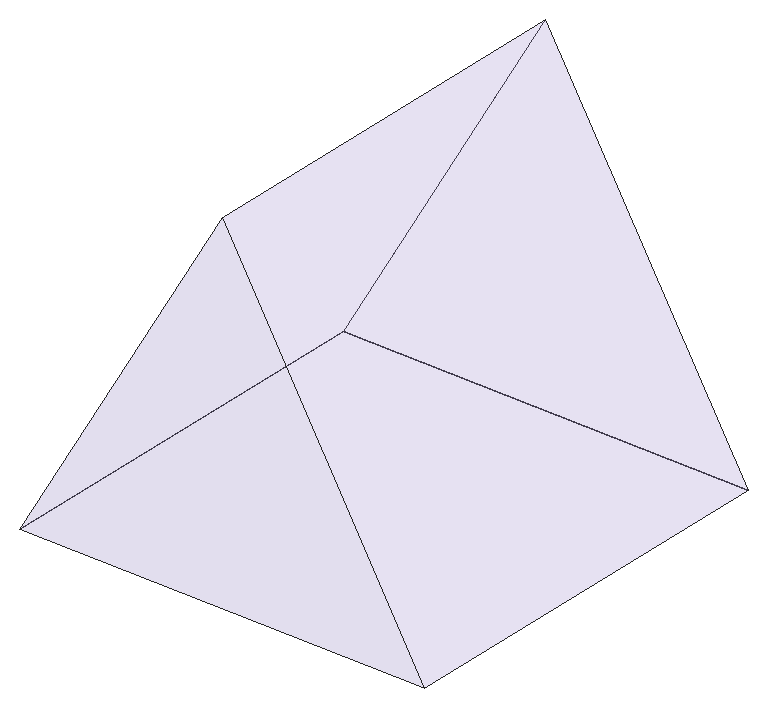
Revit family
Parameters
  Side Length [instance] = 9000 mm
  Mass Material [instance] = Default Mass
  Height [instance] = Side Length * (sin(60.00°))  # 7794.229 mm
  Depth [instance] = 9000 mm
  Default Elevation = 1219.2 mm
Reference planes
  plane 1 "Center (Front/Back)": y = 12.955
  plane 2: z = 0
  plane 3 "Center (Left/Right)": x = -30.261
  plane 4: y = 4512.955
  plane 5: x = 4469.739
  plane 6: x = -4530.261
  plane 7: y = -4487.045
  plane 8: z = 7794.229
Forms (mm)
  Extrusion 1, solid, material "Default Mass" <- "Mass Material"
    sketch origin (-152.4, 12.955, 1082.226) x (1, 0, 0) y (0, 0, 1)
      loop
        line (-4377.861, -1082.226) -> (4622.139, -1082.226) -> (122.139, 6712.003) -> (-4377.861, -1082.226)
    from -4500 to 4500
Dimensions and locks
  equal spacing: plane 4, plane 1 "Center (Front/Back)", plane 7
  "Depth": plane 4 to plane 7
  locked: plane 2 to level
  "Height": plane 8 to plane 2
  equal spacing: plane 6, plane 3 "Center (Left/Right)", plane 5
  "Side Length": plane 6 to plane 5
  "Side Length": Extrusion 1 sketch curve to Extrusion 1 sketch curve  (x2)
  aligned and locked: Extrusion 1 to plane 7
  aligned and locked: Extrusion 1 to plane 4
  aligned and locked: Extrusion 1 sketch curve to plane 2
  aligned and locked: plane 6 to Extrusion 1 sketch curve
Automatic sketch dimensions
  Extrusion 1 sketch curve to plane 3 "Center (Left/Right)" = 0 mm
